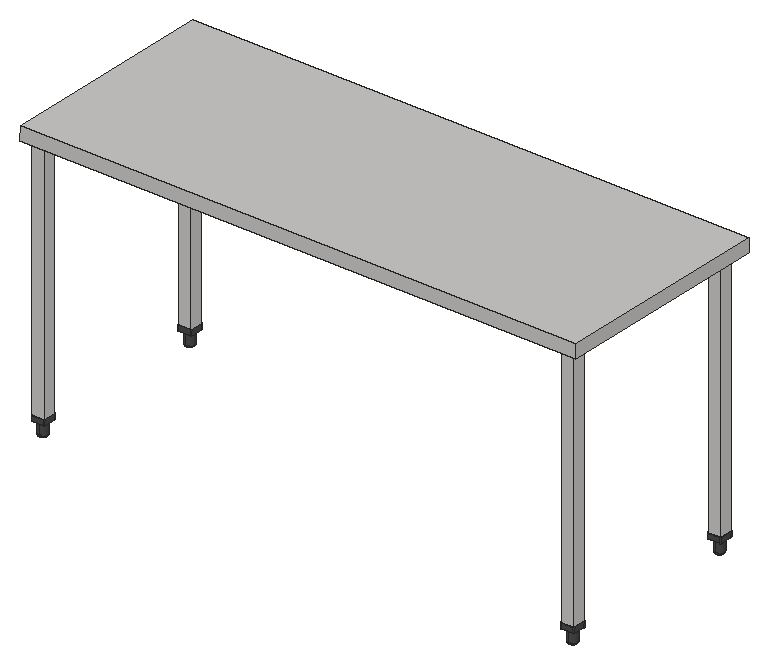
Revit family "QF_MACOM_MLXX_70XXXP", category Equipamento especial, Revit 2020
Family settings
  Cota do conector redondo = Utilizar diâmetro
  Tipo de parte = Normal
  Número OmniClass = 23.40.40.14
  Título OmniClass = Food Service Equipment
  Com base no plano de trabalho = Não
  Sempre na vertical = Sim
  Corte com vazios quando carregada = Não
  Compartilhado = Não
  Ponto de cálculo do ambiente = Não
Parameters (values of type "MLN-70180P")
  Weight [instance] = 0.00 kg
  URL = "https://www.acosmacom.com.br/produtos/mesa-de-encosto/"
  Stand = no
  Modelo = "MLN-70180P"
  Foot w/ +2000 mm = not(Length Actual < 2001.000 mm)  # no
  Fabricante = "MACOM"
  Elevação padrão = 0.000 mm
  Descrição = "MESA LISA INOX PREMIUM MACOM CENTRO 1800X700X900mm"
  Type Comments = ""
  Masterspec [instance] = ""
  Length Actual = 1800.000 mm
  Identify Quantity as Lot [instance] = yes
  Height Actual = 900.000 mm
  Foodservice Equipment Identifier [instance] = yes
  Depth Actual = 700.000 mm
  CSI MasterFormat [instance] = ""
  Back Border = no
  Accessory [instance] = yes
Types (15, lengths in mm): name | Stand | Modelo | Foot w/ +2000 mm | Descrição | Length Actual | Back Border
  (no name) | no | "MLN-70180P" | no | "MESA LISA INOX PREMIUM MACOM CENTRO 1800X700X900mm" | 1800.000 | no
  MLTP-70250P | yes | "MLTP-70250P" | yes | "MESA LISA INOX PREMIUM MACOM ESP.TRASEIRO + PRATEL.INFERIOR 2500X700X900mm" | 2500.000 | yes
  MLN-7070P | no | "MLN-7070P" | no | "MESA LISA INOX PREMIUM MACOM CENTRO 700X700X900mm" | 700.000 | no
  MLN-70140P | no | "MLN-70140P" | no | "MESA LISA INOX PREMIUM MACOM CENTRO 1400X700X900mm" | 1400.000 | no
  MLN-70180P | no | "MLN-70180P" | no | "MESA LISA INOX PREMIUM MACOM CENTRO 1800X700X900mm" | 1800.000 | no
  MLN-70200P | no | "MLN-70200P" | no | "MESA LISA INOX PREMIUM MACOM CENTRO 2000X700X900mm" | 2000.000 | no
  MLT-7070P | no | "MLT-7070P" | no | "MESA LISA INOX PREMIUM MACOM ESP.TRASEIRO 700X700X900mm" | 700.000 | yes
  MLT-70140P | no | "MLT-70140P" | no | "MESA LISA INOX PREMIUM MACOM ESP.TRASEIRO 1400X700X900mm" | 1400.000 | yes
  MLT-70180P | no | "MLT-70180P" | no | "MESA LISA INOX PREMIUM MACOM ESP.TRASEIRO 1800X700X900mm" | 1800.000 | yes
  MLT-70200P | no | "MLT-70200P" | no | "MESA LISA INOX PREMIUM MACOM ESP.TRASEIRO 2000X700X900mm" | 2000.000 | yes
  MLT-70250P | no | "MLT-70250P" | yes | "MESA LISA INOX PREMIUM MACOM ESP.TRASEIRO 2500X700X900mm" | 2500.000 | yes
  MLTP-7070P | yes | "MLTP-7070P" | no | "MESA LISA INOX PREMIUM MACOM ESP.TRASEIRO + PRATEL.INFERIOR 700X700X900mm" | 700.000 | yes
  MLTP-70140P | yes | "MLTP-70140P" | no | "MESA LISA INOX PREMIUM MACOM ESP.TRASEIRO + PRATEL.INFERIOR 1400X700X900mm" | 1400.000 | yes
  MLTP-70180P | yes | "MLTP-70180P" | no | "MESA LISA INOX PREMIUM MACOM ESP.TRASEIRO + PRATEL.INFERIOR 1800X700X900mm" | 1800.000 | yes
  MLTP-70200P | yes | "MLTP-70200P" | no | "MESA LISA INOX PREMIUM MACOM ESP.TRASEIRO + PRATEL.INFERIOR 2000X700X900mm" | 2000.000 | yes
Reference planes
  plane 1 "Centro (Frontal/Traseira)": y = 0
  plane 2: z = 0
  plane 3 "Centro (Esquerda/Direita)": x = 0
  plane 4: z = 60
  plane 5: x = 900
  plane 6: y = 700
  plane 7: z = 60
  plane 8: y = 635.5
  plane 9: y = 40.5
  plane 10: x = 1228.5
  plane 11: x = -900
  plane 12: x = -858.5
  plane 13: x = -878.5
  plane 14: x = -878.5
Forms (mm)
  Extrusion 1, solid, material "QF_Stainless_Steel"
    sketch origin (-2790.51, -1503.5, 60) x (-1, 0, 0) y (0, -1, 0)
      loop
        line (-1912.01, -1524) -> (-1952.01, -1524) -> (-1952.01, -1564) -> (-1912.01, -1564) -> (-1912.01, -1524)
      loop
        line (-1912.01, -2159) -> (-1912.01, -2119) -> (-1952.01, -2119) -> (-1952.01, -2159) -> (-1912.01, -2159)
      loop
        line (-3629.01, -2159) -> (-3629.01, -2119) -> (-3669.01, -2119) -> (-3669.01, -2159) -> (-3629.01, -2159)
      loop
        line (-3629.01, -1564) -> (-3629.01, -1524) -> (-3669.01, -1524) -> (-3669.01, -1564) -> (-3629.01, -1564)
    from 0 to 797.2
  Extrusion 2, solid, material "QF_Stainless_Steel"
    sketch origin (878.5, 1140.857, 125.847) x (0, -1, 0) y (0, 0, -1)
      loop
        line (440.857, -774.153) -> (1140.857, -774.153) -> (1140.857, -731.353) -> (440.857, -731.353) -> (440.857, -774.153)
    from 21.5 to -1778.5
  Extrusion 3, solid, material "QF_Stainless_Steel", visible <- "Back Border"
    sketch origin (0, 1140.857, 125.847) x (0, -1, 0) y (0, 0, -1)
      loop
        line (440.857, -774.153) -> (440.857, -874.153) -> (465.857, -874.153) -> (465.857, -774.153) -> (440.857, -774.153)
    from 900 to -900
  Extrusion 4, solid, material "QF_Stainless_Steel", visible <- "Stand"
    sketch origin (1228.5, 60.5, 60) x (0, -1, 0) y (0, 0, -1)
      loop
        line (0, -180.2) -> (0, -137.2) -> (-555, -137.2) -> (-555, -180.2) -> (0, -180.2)
    from -350 to -2107
  Extrusion 5, solid, material "QF_Stainless_Steel", visible <- "Foot w/ +2000 mm"
    sketch origin (878.5, 0, 857.2) x (1, 0, 0) y (0, -1, 0)
      loop
        line (-898.5, -615.5) -> (-898.5, -655.5) -> (-858.5, -655.5) -> (-858.5, -615.5) -> (-898.5, -615.5)
      loop
        line (-898.5, -60.5) -> (-858.5, -60.5) -> (-858.5, -20.5) -> (-898.5, -20.5) -> (-898.5, -60.5)
    from 0 to 797.2
Lines and regions (mm)
  symbolic lines
    curve 1: line (-900, 700, 0) -> (900, 700, 0)
    curve 2: line (900, 700, 0) -> (900, 0, 0)
    curve 3: line (900, 0, 0) -> (-900, 0, 0)
    curve 4: line (-900, 0, 0) -> (-900, 700, 0)
  symbolic lines, visible <- "Back Border"
    curve 5: line (-900, 675, 0) -> (900, 675, 0)
Dimensions and locks
  locked: Extrusion 2 to Extrusion 2 at 42.8
  locked: Extrusion 2 to Extrusion 1 at 84.5
  "Height Actual": Extrusion 2 to level
  locked: Extrusion 2 to Extrusion 1 at 61.5
  locked: Extrusion 1 sketch curve to plane 1 "Centro (Frontal/Traseira)" at 20.5
  locked: plane 1 "Centro (Frontal/Traseira)" to Extrusion 1 sketch curve at 20.5
  locked: Extrusion 1 sketch curve to plane 5 at 21.5  (x2)
  locked: Extrusion 1 sketch curve to plane 6 at 44.5  (x2)
  locked: Extrusion 1 sketch curve to Extrusion 1 sketch curve at 40  (x8)
  locked: Extrusion 1 to nested 1 at 20
  locked: Extrusion 1 to nested 4 at 20  (x2)
  locked: nested 2 to Extrusion 1 at 20
  locked: nested 4 to Extrusion 1 at 20
  locked: Extrusion 1 to nested 3 at 20  (x2)
  "Depth Actual": plane 1 "Centro (Frontal/Traseira)" to plane 6
  locked: Extrusion 4 sketch curve to level at 197.2
  locked: Extrusion 4 sketch curve to Extrusion 4 sketch curve at 43
  equal spacing: plane 11, plane 3 "Centro (Esquerda/Direita)", plane 5
  "Length Actual": plane 11 to plane 5
  locked: plane 11 to Extrusion 1 sketch curve at 21.5  (x2)
  locked: plane 12 to plane 11 at 41.5
  locked: plane 14 to plane 11 at 21.5
  locked: Extrusion 5 sketch curve to Extrusion 5 sketch curve at 40  (x2)
  locked: Extrusion 5 sketch curve to Extrusion 2 at 20.5
  locked: Extrusion 3 to Extrusion 5 sketch curve at 44.5
  Extrusion 5 sketch curve to plane 3 "Centro (Esquerda/Direita)" to Extrusion 5 sketch curve = 20.000 mm locked, 20.000 mm locked
  aligned and locked: level to plane 2
  aligned and locked: plane 6 to Extrusion 2
  aligned and locked: plane 5 to Extrusion 2
  aligned and locked: plane 1 "Centro (Frontal/Traseira)" to Extrusion 2 sketch curve
  aligned and locked: curve 2 to plane 5
  aligned and locked: curve 1 to plane 6
  aligned and locked: Extrusion 3 sketch curve to Extrusion 2  (x2)
  aligned and locked: plane 7 to nested 5
  aligned and locked: plane 7 to nested 6
  aligned and locked: plane 4 to plane 7
  aligned and locked: plane 8 to nested 5
  aligned and locked: plane 9 to nested 6
  aligned and locked: plane 8 to nested 1
  aligned and locked: plane 9 to nested 2
  aligned and locked: Extrusion 1 to Extrusion 4 sketch curve  (x2)
  aligned and locked: Extrusion 4 to Extrusion 1
  aligned and locked: Extrusion 2 to Extrusion 3
  aligned and locked: plane 11 to Extrusion 3
  aligned and locked: plane 11 to Extrusion 2
  aligned and locked: plane 12 to nested 1
  aligned and locked: plane 12 to nested 2
  aligned and locked: plane 13 to plane 14
  aligned and locked: Extrusion 5 sketch curve to Extrusion 5 sketch curve  (x2)
  aligned and locked: Extrusion 5 to plane 4
  aligned and locked: Extrusion 4 to plane 13
  aligned and locked: curve 4 to Extrusion 2
  aligned and locked: curve 5 to Extrusion 3
Automatic sketch dimensions
  Extrusion 1 to Extrusion 2 sketch curve = 0.000 mm
  Extrusion 2 sketch curve to Extrusion 1 = 44.500 mm
  Extrusion 2 sketch curve to Extrusion 1 = 42.800 mm
  Extrusion 3 sketch curve to Extrusion 2 = 25.000 mm
  Extrusion 2 to Extrusion 3 sketch curve = 100.000 mm
  plane 1 "Centro (Frontal/Traseira)" to curve 3 = 0.000 mm
Nested families
  nested 1: "PÉ DE MESA" at (-858.5, 635.5, 0.6), type "PÉ DE MESA"
  nested 2: "PÉ DE MESA" at (-858.5, 40.5, 0), type "PÉ DE MESA"
  nested 3: "PÉ DE MESA" at (858.5, 40.5, 0.6), type "PÉ DE MESA"
  nested 4: "PÉ DE MESA" at (858.5, 635.5, 0.6), type "PÉ DE MESA"
  nested 5: "PÉ DE MESA" at (0, 635.5, 0.6), visible <- "Foot w/ +2000 mm", type "PÉ DE MESA"
  nested 6: "PÉ DE MESA" at (0, 40.5, 0.6), visible <- "Foot w/ +2000 mm", type "PÉ DE MESA"
Definition of nested family "PÉ DE MESA"
  Parameters (values of type "PÉ DE MESA")
    Default Elevation = 0.000 mm
  Reference planes
    plane 1 "Centro (Frente/Trás)": y = 0
    plane 2: z = 0
    plane 3 "Centro (Esquerda/Direita)": x = 0
  Forms (mm)
    Revolve 1, solid
      sketch origin (0, 0, 0) x (0, 1, 0) y (0, 0, 1)
        loop
          line (0, -0.6) -> (0, 42.4) -> (-15.1, 42.4) -> (-15.1, 5.4)
          arc (-15.1, 5.4) -> (-13.343, 1.157) -> (-9.1, -0.6) r 6
          line (-9.1, -0.6) -> (0, -0.6)
        axis (0, 42.4) -> (0, -0.6)
      angle from 0 to 360
    Extrusion 2, solid
      sketch origin (0, 0, 42.4) x (-1, 0, 0) y (0, -1, 0)
        loop
          arc (-22, -19) -> (-21.121, -21.121) -> (-19, -22) r 3
          line (-19, -22) -> (19, -22)
          arc (19, -22) -> (21.121, -21.121) -> (22, -19) r 3
          line (22, -19) -> (22, 19)
          arc (22, 19) -> (21.121, 21.121) -> (19, 22) r 3
          line (19, 22) -> (-19, 22)
          arc (-19, 22) -> (-21.121, 21.121) -> (-22, 19) r 3
          line (-22, 19) -> (-22, -19)
      from 0 to 17
  Dimensions and locks
    locked: Revolve 1 sketch curve to Revolve 1 sketch curve at 43
    locked: Revolve 1 sketch curve to Revolve 1 sketch curve at 37
    locked: Revolve 1 sketch curve to Revolve 1 sketch curve at 15.1
    locked: Extrusion 2 sketch curve to Extrusion 2 sketch curve at 44  (x2)
    plane 3 "Centro (Esquerda/Direita)" to Extrusion 2 = 22.000 mm
    plane 3 "Centro (Esquerda/Direita)" to Extrusion 2 sketch curve = 22.000 mm
    plane 1 "Centro (Frente/Trás)" to Extrusion 2 sketch curve = 22.000 mm
    aligned and locked: level to plane 2
